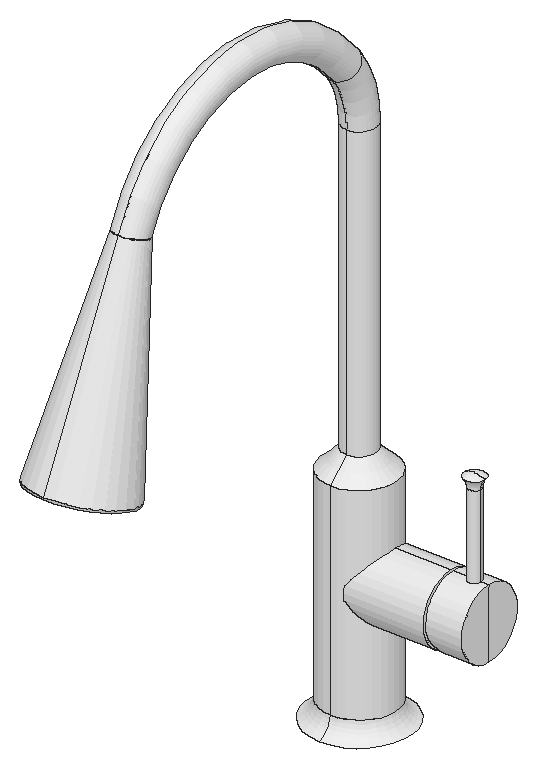
Revit family "Faucet_Single_Control-American_Standard-Pekoe-4332.300", category Plumbing Fixtures, Revit 2019
Family settings
  Round Connector Dimension = Use Diameter
  Part Type = Normal
  OmniClass Number = 23.45.55.14
  OmniClass Title = Single Faucets
  Work Plane-Based = Yes
  Always vertical = No
  Cut with Voids When Loaded = No
  Shared = Yes
  Room Calculation Point = No
Parameters (values of type "4332.300")
  Width = 2"
  Waste Connection = no
  WFU = 0
  Vent Connection = no
  URL = "http://www.americanstandard-us.com/"
  Revised Date = "02/08/2017"  # constant formula
  Product Page URL = "https://www.americanstandard-us.com/kitchens/kitchen-faucets/pekoe-1-handle-pull-down-high-arc-kitchen-faucet-18601"
  Product Documentation Link = "https://www.americanstandard-us.com/-/media/sites/asus/files/product-specs/bulk/specsheet4332300.pdf?la=en"
  Model = "4332.300"
  Material = "Metal-American Standard-002-Polished Chrome"
  Manufacturer = "American Standard "
  Length = 8"
  Hot Water Connection Diameter = 1/2"
  Height = 15 1/2"
  HWFU = 1.5
  HW Connection = yes
  Description = "Pekoe Single Control Kitchen Faucet With Pull-Down Spray."
  Default Elevation = 0"
  Cold Water Connection Diameter = 1/2"
  CWFU = 1.5
  CW Connection = yes
  Assembly Code = "D2020300"
  ADA Compliant = yes
Reference planes
  plane 1 "Center (Front/Back)": y = 0
  plane 2: z = 0
  plane 3 "Center (Left/Right)": x = 0
  plane 4: z = 393.7
  plane 5: y = -203.2
  plane 6: z = 209.55
  plane 7: z = 152.4
  plane 8: x = 76.2
  plane 9: x = 67.588
  plane 10: through (0, -175.948, 200.371) normal (0, 0.2892, 0.9573)
Forms (mm)
  Revolve 1, solid, material "Metal-American Standard-002-Polished Chrome"
    sketch origin (0, 0, 0) x (0, 1, 0) y (0, 0, 1)
      loop
        line (0, 142.345) -> (0, 10.419) -> (20.024, 10.419) -> (21.051, 10.419) -> (21.051, 130.886)
        arc (21.051, 130.886) -> (14.923, 136.249) -> (9.525, 142.345) r 64.085
        line (9.525, 142.345) -> (0, 142.345)
      axis (0, 142.345) -> (0, 10.419)
    angle from 0 to 360
  Sweep 2, solid, material "Metal-American Standard-002-Polished Chrome"
    path origin (0, 0, 0) x (0, 1, 0) y (0, 0, 1)
      loop
        line (-203.2, 209.55) -> (-167.519, 327.679)
        arc (-167.519, 327.679) -> (-96.086, 383.33) -> (-12.268, 349.063) r 90.337
        arc (-12.268, 349.063) -> (-3.151, 332.106) -> (0, 313.114) r 58.806
        line (0, 313.114) -> (0, 138.43)
    profile origin (0, 0, 225.772) x (1, 0, 0) y (0, 1, 0)
      loop
        circle (0, 0) r 9.525
  Revolve 3, solid, material "Metal-American Standard-002-Polished Chrome"
    sketch origin (0, 0, 0) x (1, 0, 0) y (0, 0, 1)
      loop
        line (76.2, 76.2) -> (0, 76.2) -> (0, 55.997) -> (53.848, 55.997) -> (53.848, 65.078) -> (55.166, 65.078) -> (55.166, 55.975) -> (76.2, 55.975) -> (76.2, 76.2)
      axis (0, 76.2) -> (76.2, 76.2)
    angle from 0 to 360
  Revolve 4, solid, material "Metal-American Standard-002-Polished Chrome"
    sketch origin (16.669, 0, 0) x (1, 0, 0) y (0, 0, 1)
      loop
        arc (50.919, 152.4) -> (47.755, 151.956) -> (44.908, 150.507) r 9.676
        arc (44.908, 150.507) -> (46.723, 147.903) -> (47.363, 144.795) r 7.874
        line (47.363, 144.795) -> (47.363, 94.815) -> (50.919, 94.815) -> (50.919, 152.4)
      axis (50.919, 152.4) -> (50.919, 94.815)
    angle from 0 to 360
  Revolve 5, solid, material "Metal-American Standard-002-Polished Chrome"
    sketch origin (0, 0, 0) x (0, 1, 0) y (0, 0, 1)
      loop
        line (-203.2, 209.55) -> (-167.397, 328.082) -> (-176.516, 330.836)
        arc (-176.516, 330.836) -> (-201.522, 272.85) -> (-230.977, 216.993) r 808.435
        line (-230.977, 216.993) -> (-203.2, 209.55)
      axis (-203.462, 208.682) -> (-167.397, 328.082)
    angle from 0 to 360
  Revolve 6, solid, material "Metal-American Standard-002-Polished Chrome"
    sketch origin (0, 0, 0) x (0, 1, 0) y (0, 0, 1)
      loop
        line (0, 10.419) -> (0, 0) -> (28.902, 0)
        arc (28.902, 0) -> (23.479, 4.081) -> (21.051, 10.419) r 12.281
        line (21.051, 10.419) -> (0, 10.419)
      axis (0, 10.419) -> (0, 0)
    angle from 0 to 360
  Extrusion 7, solid, material "Metal-American Standard-002-Polished Chrome"
    sketch origin (0, 0, 0) x (1, 0, 0) y (0, 1, 0)
      loop
        circle (-10.923, 0) r 4.763
      loop
        circle (10.923, 0) r 4.763
    from 0 to 10.419
  Extrusion 8, void
    sketch origin (0, 0, 0) x (1, 0, 0) y (0, 0, 1)
      loop
        line (53.848, 53.214) -> (63.139, 53.214) -> (53.848, 72.264) -> (53.848, 53.214)
    from -25.745 to 23.662
  Revolve 9, solid, material "Metal-American Standard-002-Polished Chrome"
    sketch origin (0, 0, 0.794) x (1, 0, 0) y (0, 0, 1)
      loop
        arc (35.584, 76.2) -> (51.459, 60.325) -> (67.334, 76.2) r 15.875
        line (67.334, 76.2) -> (35.584, 76.2)
      axis (67.334, 76.2) -> (35.584, 76.2)
    angle from 0 to 360
  Extrusion 10, solid, material "Metal-American Standard-075-Stainless Steel"
    sketch origin (0, -175.948, 200.371) x (0, 0.957283, -0.289152) y (-1, 0, 0)
      loop
        circle (-28.45, -0.077) r 10.004
      loop
        circle (-28.45, -0.077) r 10.941
    from -1.303 to 2.372
  Extrusion 11, solid, material "Metal-American Standard-075-Stainless Steel"
    sketch origin (25.365, -174.675, 199.987) x (0, 0.957283, -0.289152) y (-1, 0, 0)
      loop
        circle (-30.072, 25.365) r 28.642
      loop
        circle (-30.072, 25.365) r 27.04
    from -1.303 to 0
Cuts and joins
  Extrusion 8 cuts Revolve 1
  Extrusion 8 cuts Sweep 2
  Extrusion 8 cuts Revolve 3
  Extrusion 8 cuts Revolve 4
  Extrusion 8 cuts Revolve 6
  Extrusion 8 cuts Extrusion 7
  joined: Revolve 1, Sweep 2, Revolve 3, Revolve 4, Revolve 6, Extrusion 7
Lines and regions (mm)
  Masking region 1
    outline origin (0, 0, 0) x (1, 0, 0) y (0, 1, 0)
      loop
        line (-9.525, -27.288) -> (-9.525, -165.88)
        arc (-9.525, -165.88) -> (-13.996, -176.442) -> (-21.456, -185.154) r 37.421
        spline (-21.456, -185.154) -> (-27.05, -194.16) -> (-28.722, -204.515) -> (-26.228, -214.717) -> (-19.932, -223.287) -> (-10.745, -228.982) -> (0, -230.977) -> (10.745, -228.982) -> (19.932, -223.287) -> (26.228, -214.717) -> (28.722, -204.515) -> (27.05, -194.16) -> (21.456, -185.154)
        arc (21.456, -185.154) -> (13.996, -176.442) -> (9.525, -165.88) r 37.421
        line (9.525, -165.88) -> (9.525, -27.288)
        arc (9.525, -27.288) -> (15.507, -24.39) -> (20.669, -20.203) r 28.902
        line (20.669, -20.203) -> (53.848, -20.203) -> (53.848, -15.605)
        arc (53.848, -15.605) -> (54.515, -15.52) -> (55.166, -15.349) r 5.169
        line (55.166, -15.349) -> (55.166, -20.203) -> (76.2, -20.203) -> (76.2, 20.203) -> (55.166, 20.203) -> (55.166, 15.362)
        arc (55.166, 15.362) -> (54.516, 15.531) -> (53.848, 15.594) r 4.202
        line (53.848, 15.594) -> (53.848, 20.203) -> (20.669, 20.203)
        arc (20.669, 20.203) -> (-24.39, 15.507) -> (-9.525, -27.288) r 28.902
  symbolic lines, detail levels medium+fine
    curve 1: arc (9.525, -18.773, 0) -> (0, 21.051, 0) -> (-9.525, -18.773, 0) r 21.051
    curve 2: line (20.55, 20.203, 0) -> (5.916, 20.203, 0)
    curve 3: line (20.55, -20.203, 0) -> (9.525, -20.203, 0)
    curve 4: line (9.525, 0, 0) -> (9.525, -27.288, 0)
    curve 5: line (-9.525, 0, 0) -> (-9.525, -27.288, 0)
    curve 6: arc (-9.525, 0, 0) -> (0, 9.525, 0) -> (9.525, 0, 0) r 9.525
  symbolic lines, detail levels fine
    curve 7: spline (-9.526, -167.397, 0) -> (-9.201, -169.757, 0) -> (-8.25, -171.957, 0) -> (-6.736, -173.845, 0) -> (-4.763, -175.294, 0) -> (-2.466, -176.205, 0) -> (0, -176.516, 0) -> (2.466, -176.205, 0) -> (4.763, -175.294, 0) -> (6.736, -173.845, 0) -> (8.25, -171.957, 0) -> (9.201, -169.757, 0) -> (9.526, -167.397, 0)
    curve 8: line (-9.526, -167.397, 0) -> (-9.526, -164.436, 0)
    curve 9: line (9.526, -167.397, 0) -> (9.526, -164.436, 0)
    curve 10: circle (67.588, 0, 0) r 6.011 normal (0, 0, 1)
    curve 11: line (53.848, 15.594, 0) -> (53.848, -15.605, 0)
    curve 12: line (55.166, -15.349, 0) -> (55.166, 15.362, 0)
Dimensions and locks
  plane 7 to plane 2 = 6"
  plane 6 to plane 2 = 8 1/4"
  plane 5 to plane 1 "Center (Front/Back)" = 8"
  plane 2 to plane 4 = 15 1/2"
Connectors
  piping at (10.923, 0, 0), diameter 12.7, driven by "CWFU", driven by "Cold Water Connection Diameter"
    settings: on Extrusion 7, index 1, connector inside diameter 609.6 mm, connector length 0", flow factor 0, pipe flow 0.0 L/s, pressure drop 0.0 Pa, fitting loss kfactor 0, connector angle 0.00°, fixture units 1.5, engagement length 0", angle of deflection 0.00°, flow configuration 3, flow direction 1, fitting loss method 0, system type 20, joint type 0, gender type 0, connector reference index -1, connector utility 0, adjustable connector no, is connector primary yes, connector description "3/8\" CW Supply Inlet"
  piping at (-10.923, 0, 0), diameter 12.7, driven by "HWFU", driven by "Hot Water Connection Diameter"
    settings: on Extrusion 7, index 2, connector inside diameter 609.6 mm, connector length 0", flow factor 0, pipe flow 0.0 L/s, pressure drop 0.0 Pa, fitting loss kfactor 0, connector angle 0.00°, fixture units 1.5, engagement length 0", angle of deflection 0.00°, flow configuration 3, flow direction 1, fitting loss method 0, system type 19, joint type 0, gender type 0, connector reference index -1, connector utility 0, adjustable connector no, is connector primary no, connector description "3/8\" HW Supply Inlet"
